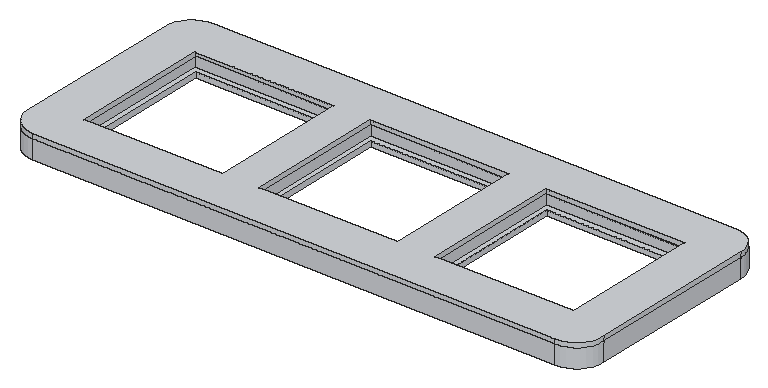
Revit family "Gira_0213423", category Electrical Fixtures, host Face, Revit 2017
Family settings
  Host = Face
  Maintain Annotation Orientation = No
  Round Connector Dimension = Use Diameter
  Part Type = Normal
  Cut with Voids When Loaded = No
  Shared = No
  Room Calculation Point = No
Parameters (values of type "Abdeckrahmen 3f Gira E3 Dklgrau/Anthrazit")
  Werkstoffgüte = "sonstige"
  Werkstoff = "sonstige"
  URL = "http://katalog.gira.de/de_DE/datenblatt.html?artikelnr=0213423"
  Transparent = "No"
  Textfeld/Beschriftungsfläche = "No"
  Schutzart (IP) = "IP20"
  Region = "DE"
  Oberfläche = "sonstige"
  Name = "Abdeckrahmen 3f Gira E3 Dklgrau/Anthrazit"
  Montagerichtung = "horizontal und vertikal"
  Mit Montagerahmen = "No"
  Mit Klappdeckel = "No"
  Manufacturer URL = "https://www.gira.de/"
  Keynote = "E3_Rahmen_3fach"
  HeinzeBIM = "https://bimportal.heinze.de/bim/abdeckrahmen-3f-gira-e3-dklgrau-anthrazit/2f644e6c01ad65be4599ca84e80068bd767843a5"
  Halogenfrei = "No"
  HAN = "0213423"
  Geeignet für Unterputz-Installation = "Yes"
  Geeignet für Unterflurkanaldose = "No"
  Geeignet für Geräteeinbaukanal = "No"
  Geeignet für Einbauinstallation = "No"
  GTIN = "4010337024101"
  Farbe = "grau"
  Default Elevation = 1219.2 mm
  Data sheet (1) = "https://katalog.gira.de/de_DE/download.html?artikelnr=0213423"
  Category = "Abdeckrahmen"
  Befestigungsart = "Klemmbefestigung"
  Available = "Yes"
  Anzahl der Einheiten vertikal = "3 "
  Anzahl der Einheiten horizontal = "3 "
  Anzahl der Einheiten = "3 "
Reference planes
  plane 1 "Center (Front/Back)": y = 0
  plane 2: z = 0
  plane 3 "Center (Left/Right)": x = 0
Forms (mm)
  Extrusion 1, solid, detail levels fine
    sketch origin (0, 0, 0) x (1, 0, 0) y (0, 1, 0)
      loop
        arc (-106.1, 45.809) -> (-113.884, 42.585) -> (-117.109, 34.8) r 11.009
        line (-117.109, 34.8) -> (-117.109, -34.8)
        arc (-117.109, -34.8) -> (-113.884, -42.585) -> (-106.1, -45.809) r 11.009
        line (-106.1, -45.809) -> (106.1, -45.809)
        arc (106.1, -45.809) -> (113.884, -42.585) -> (117.109, -34.8) r 11.009
        line (117.109, -34.8) -> (117.109, 34.8)
        arc (117.109, 34.8) -> (113.884, 42.585) -> (106.1, 45.809) r 11.009
        line (106.1, 45.809) -> (-106.1, 45.809)
      loop
        line (-43.2, 28.187) -> (-99.456, 28.187) -> (-99.456, -28.187) -> (-43.2, -28.187) -> (-43.2, 28.187)
      loop
        line (-28.3, 28.187) -> (-28.3, -28.187) -> (27.956, -28.187) -> (27.956, 28.187) -> (-28.3, 28.187)
      loop
        line (43.2, 28.187) -> (43.2, -28.187) -> (99.456, -28.187) -> (99.456, 28.187) -> (43.2, 28.187)
    from 7.65 to 9.5
  Extrusion 2, solid, detail levels fine
    sketch origin (-71.5, 0, 0) x (1, 0, 0) y (0, 1, 0)
      loop
        line (26.1, 25.7) -> (-25.7, 25.7) -> (-25.7, -25.7) -> (26.1, -25.7) -> (26.1, 25.7)
      loop
        line (-28.187, -28.156) -> (28.187, -28.156) -> (28.187, 28.156) -> (-28.187, 28.156) -> (-28.187, -28.156)
    from 1.65 to 3.9
  Extrusion 3, solid, detail levels fine
    sketch origin (0, 0, 0) x (1, 0, 0) y (0, 1, 0)
      loop
        arc (-106.1, 45.809) -> (-113.884, 42.585) -> (-117.109, 34.8) r 11.009
        line (-117.109, 34.8) -> (-117.109, -34.8)
        arc (-117.109, -34.8) -> (-113.884, -42.585) -> (-106.1, -45.809) r 11.009
        line (-106.1, -45.809) -> (106.1, -45.809)
        arc (106.1, -45.809) -> (113.884, -42.585) -> (117.109, -34.8) r 11.009
        line (117.109, -34.8) -> (117.109, 34.8)
        arc (117.109, 34.8) -> (113.884, 42.585) -> (106.1, 45.809) r 11.009
        line (106.1, 45.809) -> (-106.1, 45.809)
      loop
        line (-115.143, 34.785) -> (-115.143, -34.785)
        arc (-115.143, -34.785) -> (-112.49, -41.19) -> (-106.084, -43.843) r 9.058
        line (-106.084, -43.843) -> (106.084, -43.843)
        arc (106.084, -43.843) -> (112.49, -41.19) -> (115.143, -34.785) r 9.058
        line (115.143, -34.785) -> (115.143, 34.785)
        arc (115.143, 34.785) -> (112.49, 41.19) -> (106.084, 43.843) r 9.058
        line (106.084, 43.843) -> (-106.084, 43.843)
        arc (-106.084, 43.843) -> (-112.49, 41.19) -> (-115.143, 34.785) r 9.058
    from 0 to 7.65
  Extrusion 4, solid, detail levels fine
    sketch origin (-35.75, 0, 0) x (1, 0, 0) y (0, 1, 0)
      loop
        line (-62.956, -31.075) -> (62.956, -31.075)
        arc (62.956, -31.075) -> (65.599, -29.98) -> (66.694, -27.337) r 3.739
        line (66.694, -27.337) -> (66.694, 27.337)
        arc (66.694, 27.337) -> (65.599, 29.98) -> (62.956, 31.075) r 3.739
        line (62.956, 31.075) -> (-62.956, 31.075)
        arc (-62.956, 31.075) -> (-65.599, 29.98) -> (-66.694, 27.337) r 3.739
        line (-66.694, 27.337) -> (-66.694, -27.337)
        arc (-66.694, -27.337) -> (-65.599, -29.98) -> (-62.956, -31.075) r 3.739
      loop
        line (-65.544, 27.537) -> (-65.544, -27.537)
        arc (-65.544, -27.537) -> (-64.845, -29.226) -> (-63.156, -29.925) r 2.389
        line (-63.156, -29.925) -> (63.156, -29.925)
        arc (63.156, -29.925) -> (64.845, -29.226) -> (65.544, -27.537) r 2.389
        line (65.544, -27.537) -> (65.544, 27.537)
        arc (65.544, 27.537) -> (64.845, 29.226) -> (63.156, 29.925) r 2.389
        line (63.156, 29.925) -> (-63.156, 29.925)
        arc (-63.156, 29.925) -> (-64.845, 29.226) -> (-65.544, 27.537) r 2.389
    from 1.65 to 7.65
  Extrusion 5, solid, detail levels fine
    sketch origin (0, 0, 0) x (1, 0, 0) y (0, 1, 0)
      loop
        line (-103.367, -39.8) -> (103.368, -39.8)
        arc (103.368, -39.8) -> (108.982, -36.708) -> (111.215, -30.7) r 9.2
        line (111.215, -30.7) -> (111.215, 30.7)
        arc (111.215, 30.7) -> (108.52, 37.205) -> (102.015, 39.9) r 9.2
        line (102.015, 39.9) -> (-102.014, 39.9)
        arc (-102.014, 39.9) -> (-108.52, 37.205) -> (-111.214, 30.7) r 9.2
        line (-111.214, 30.7) -> (-111.214, -30.7)
        arc (-111.214, -30.7) -> (-108.982, -36.708) -> (-103.367, -39.8) r 9.2
      loop
        line (-102.014, -31.7) -> (102.015, -31.7)
        arc (102.015, -31.7) -> (102.722, -31.407) -> (103.015, -30.7) r 1
        line (103.015, -30.7) -> (103.015, 30.7)
        arc (103.015, 30.7) -> (102.722, 31.407) -> (102.015, 31.7) r 1
        line (102.015, 31.7) -> (-102.014, 31.7)
        arc (-102.014, 31.7) -> (-102.721, 31.407) -> (-103.014, 30.7) r 1
        line (-103.014, 30.7) -> (-103.014, -30.7)
        arc (-103.014, -30.7) -> (-102.721, -31.407) -> (-102.014, -31.7) r 1
    from 1.65 to 3.9
  Extrusion 6, solid, detail levels fine
    sketch origin (-71.5, 0, 0) x (1, 0, 0) y (0, 1, 0)
      loop
        line (-28.187, 28.156) -> (-28.187, -28.156) -> (28.187, -28.156) -> (28.187, 28.156) -> (-28.187, 28.156)
      loop
        line (-29.925, 29.925) -> (-29.925, -29.925) -> (29.925, -29.925) -> (29.925, 29.925) -> (-29.925, 29.925)
    from 1.65 to 7.65
  Extrusion 7, solid, detail levels coarse+medium
    sketch origin (0, 0, 0) x (1, 0, 0) y (0, 1, 0)
      loop
        line (-117.109, 45.809) -> (-117.109, -45.809) -> (117.109, -45.809) -> (117.109, 45.809) -> (-117.109, 45.809)
    from 0 to 9.5
  Extrusion 8, solid, detail levels fine
    sketch origin (0, 0, 0) x (-1, 0, 0) y (0, -1, 0)
      loop
        line (25.9, -25.7) -> (25.9, 25.7) -> (-25.9, 25.7) -> (-25.9, -25.7) -> (25.9, -25.7)
      loop
        line (-28.187, 28.156) -> (-28.187, -28.156) -> (28.187, -28.156) -> (28.187, 28.156) -> (-28.187, 28.156)
    from 1.65 to 3.9
  Extrusion 9, solid, detail levels fine
    sketch origin (0, 0, 0) x (-1, 0, 0) y (0, -1, 0)
      loop
        line (-28.187, -28.156) -> (28.187, -28.156) -> (28.187, 28.156) -> (-28.187, 28.156) -> (-28.187, -28.156)
      loop
        line (-29.925, -29.925) -> (29.925, -29.925) -> (29.925, 29.925) -> (-29.925, 29.925) -> (-29.925, -29.925)
    from 1.65 to 7.65
  Extrusion 10, solid, detail levels fine
    sketch origin (71.5, 0, 0) x (-1, 0, 0) y (0, -1, 0)
      loop
        line (26.1, -25.7) -> (26.1, 25.7) -> (-25.7, 25.7) -> (-25.7, -25.7) -> (26.1, -25.7)
      loop
        line (-28.187, 28.156) -> (-28.187, -28.156) -> (28.187, -28.156) -> (28.187, 28.156) -> (-28.187, 28.156)
    from 1.65 to 3.9
  Extrusion 11, solid, detail levels fine
    sketch origin (71.5, 0, 0) x (-1, 0, 0) y (0, -1, 0)
      loop
        line (-28.187, -28.156) -> (28.187, -28.156) -> (28.187, 28.156) -> (-28.187, 28.156) -> (-28.187, -28.156)
      loop
        line (-29.925, -29.925) -> (29.925, -29.925) -> (29.925, 29.925) -> (-29.925, 29.925) -> (-29.925, -29.925)
    from 1.65 to 7.65
Dimensions and locks
  aligned and locked: plane 2 to host face
  aligned and locked: level to host face
